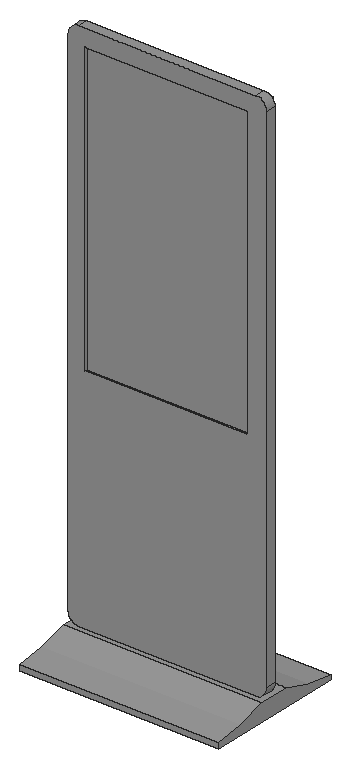
Revit family "Electronics_Visual-TVs_ViewSonic_ViewSonicR-EP4320-5540-5540T-Display", category Electrical Equipment, Revit 2017
Family settings
  Panel Configuration = Two Columns, Circuits Across
  Round Connector Dimension = Use Diameter
  Part Type = Panelboard
  OmniClass Number = 23.85.10.14.24.17
  OmniClass Title = Plasma Video Monitors
  Work Plane-Based = No
  Always vertical = Yes
  Cut with Voids When Loaded = No
  Shared = No
  Room Calculation Point = No
Parameters (values of type "EP 4320")
  Viewing Angles = "H = 178, V = 178 typ."
  Viewable Area (In.) = "43\""
  URL = "https://www.viewsonic.com"
  Type/Tech = ""
  Surface Treatment = ""
  Panel Size = "43\""
  Light Source = "DLED"
  Panel Surface = "7H/ 5mm Tempered glass"
  Screen Material = Screen - ePoster - ViewSonic - EP4320
  Response Time = "14 ms(typ.)"
  Product data url = "https://www.bimobject.com/viewsonic/product/viewsonic_ep4320"
  Product Guid = "a74ecbe5-cbc1-4ce5-a2fe-00795f225e41"
  EP5540T = no
  EP4320 = yes
  EP5540 = no
  Display Size = "43\""
  Orientation = "Portrait"
  Resolution = "1920 x 1080; 16:9"
  Model = "viewsonic_ep4320"
  Manufacturer = "ViewSonic"
  Keynote = "11130"
  Edition number = 1
  Display Area = "43\""
  Description = "The ViewSonic® EP4320-2 is a 43” all-in-one free-standing digital ePoster kiosk with a sleek, slim design. Great for grabbing attention in busy, high-traffic areas, the EP4320-2 comes with a scratch-proof tempered glass faceplate for added durability. Featuring Full HD 1080p resolution, 178°/178° wide-angle viewing, 450-nit brightness, 1,200:1 contrast ratio, and dual 10W stereo speakers, the EP4320-2 delivers customized multimedia messaging with vivid clarity. Photo and video files can be played back using the embedded Quad-core media player and 16GB of flash storage, or add your own media player using the convenient media player cradle inside the lockable security door."
  Covering Color = Metal - ViewSonic - Black
  Cover Material = Plastic - Screen - ViewSonic
  Contrast Ratio = "1200:1"
  Colors = "16.7M colors"
  Brightness = "450 cd/m2"
  Backlight Life = "50,000 hrs"
  Backlight = "WLED"
  Assembly Code = "D5030500"
  Aspect Ratio = "9:16"
Types (4, lengths in mm): name | Viewable Area (In.) | Type/Tech | Surface Treatment | Panel Size | Screen Material | Response Time | Product data url | Product Guid | EP5540T | EP4320 | EP5540 | Display Size | Resolution | Model | Display Area | Description | Colors | Brightness | Backlight Life
  (no name) | "43\"" | "" | "" | "43\"" | Screen - ePoster - ViewSonic - EP4320 | "14 ms(typ.)" | "https://www.bimobject.com/viewsonic/product/viewsonic_ep4320" | "a74ecbe5-cbc1-4ce5-a2fe-00795f225e41" | no | yes | no | "43\"" | "1920 x 1080; 16:9" | "viewsonic_ep4320" | "43\"" | "The ViewSonic® EP4320-2 is a 43” all-in-one free-standing digital ePoster kiosk with a sleek, slim design. Great for grabbing attention in busy, high-traffic areas, the EP4320-2 comes with a scratch-proof tempered glass faceplate for added durability. Featuring Full HD 1080p resolution, 178°/178° wide-angle viewing, 450-nit brightness, 1,200:1 contrast ratio, and dual 10W stereo speakers, the EP4320-2 delivers customized multimedia messaging with vivid clarity. Photo and video files can be played back using the embedded Quad-core media player and 16GB of flash storage, or add your own media player using the convenient media player cradle inside the lockable security door." | "16.7M colors" | "450 cd/m2" | "50,000 hrs"
  EP 4320 | "43\"" | "" | "" | "43\"" | Screen - ePoster - ViewSonic - EP4320 | "14 ms(typ.)" | "https://www.bimobject.com/viewsonic/product/viewsonic_ep4320" | "a74ecbe5-cbc1-4ce5-a2fe-00795f225e41" | no | yes | no | "43\"" | "1920 x 1080; 16:9" | "viewsonic_ep4320" | "43\"" | "The ViewSonic® EP4320-2 is a 43” all-in-one free-standing digital ePoster kiosk with a sleek, slim design. Great for grabbing attention in busy, high-traffic areas, the EP4320-2 comes with a scratch-proof tempered glass faceplate for added durability. Featuring Full HD 1080p resolution, 178°/178° wide-angle viewing, 450-nit brightness, 1,200:1 contrast ratio, and dual 10W stereo speakers, the EP4320-2 delivers customized multimedia messaging with vivid clarity. Photo and video files can be played back using the embedded Quad-core media player and 16GB of flash storage, or add your own media player using the convenient media player cradle inside the lockable security door." | "16.7M colors" | "450 cd/m2" | "50,000 hrs"
  EP 5540 | "55\"" | "TFT LCD (IPS type,DLED Backlight)" | "Anti-glare" | "55\"" | Screen - ePoster - ViewSonic - EP5540 | "9 ms (typ. G to G)" | "https://www.bimobject.com/viewsonic/product/viewsonic_ep5540" | "bfec654d-3b3d-45cd-b846-fefad81aa47d" | no | no | yes | "55\"" | "3840 x 2160; 16:9" | "viewsonic_ep5540" | "1209.6 (H) * 680.4 (V)" | "The ViewSonic® EP5540 is a 55” 4K Ultra HD all-in-one free-standing digital ePoster kiosk with a sleek, slim design. Great for grabbing attention in busy, high-traffic areas, the EP5540 comes with a scratch-proof tempered glass faceplate for added durability. Featuring an IPS-type panel, 4K Ultra HD resolution, 178°/178° wide-angle viewing, 400-nit brightness, 1,200:1 contrast ratio, and dual 10W stereo speakers, the EP5540 delivers customized multimedia messaging with vivid clarity. Photo and video files can be played back using the embedded Quad-core media player and 16GB of internal memory, or add your own media player using the convenient media player cradle inside the lockable security door." | "1.07B" | "350 cd/m2" | "30,000 Hours Typ."
  EP 5540T | "55\"" | "TFT LCD (IPS type,DLED Backlight)" | "Anti-glare" | "55\"" | Screen - ePoster - ViewSonic - EP5540T | "9 ms (typ. G to G)" | "https://www.bimobject.com/viewsonic/product/viewsonic_ep5540t" | "701c7aba-dd95-4915-a085-317012c6b0e2" | yes | no | no | "55\"" | "3840 x 2160; 16:9" | "viewsonic_ep5540t" | "1209.6 (H) * 680.4 (V)" | "The ViewSonic® EP5540T is a 10-point interactive, 55” 4K Ultra HD all-in-one free-standing digital ePoster kiosk with a sleek, slim design. Great for grabbing attention in busy, high-traffic areas, the EP5540T comes with a scratch-proof tempered glass faceplate for added durability. Featuring an IPS-type panel, 4K Ultra HD resolution, 178°/178° wide-angle viewing, 400-nit brightness, 1,200:1 contrast ratio, and dual 10W stereo speakers, the EP5540T delivers customized multimedia messaging with vivid clarity. Photo and video files can be played back using the embedded Quad-core media player and 16GB of internal memory, or add your own media player using the convenient media player cradle inside the lockable security door." | "1.07B" | "350 cd/m2" | "30,000 Hours Typ."
Reference planes
  plane 1: y = 0
  plane 2: z = 0
  plane 3 "Center (Left/Right)": x = 0
  plane 4 "Center (Front/Back)": y = 256.796
Forms (mm)
  Extrusion 1, solid, material "Screen - ePoster - ViewSonic - EP4320" <- "Screen Material", visible <- "EP4320", detail levels medium+fine
    sketch origin (1089.364, 0, 0.198) x (1, 0, 0) y (0, 0, 1)
      loop
        line (-1357.867, 1745.702) -> (-1357.867, 802.702) -> (-827.867, 802.702) -> (-827.867, 1745.702) -> (-1357.867, 1745.702)
    from -9 to -12
  Extrusion 2, solid, material "Plastic - Screen - ViewSonic" <- "Cover Material", visible <- "EP4320", detail levels medium+fine
    sketch origin (-30.977, 0, 0) x (1, 0, 0) y (0, 0, 1)
      loop
        line (-237.526, 1745.9) -> (-237.526, 802.9) -> (292.474, 802.9) -> (292.474, 1745.9) -> (-237.526, 1745.9)
      loop
        arc (-291.523, 90) -> (-281.271, 65.251) -> (-256.523, 55) r 35
        line (-256.523, 55) -> (318.477, 55)
        arc (318.477, 55) -> (343.226, 65.251) -> (353.477, 90) r 35
        line (353.477, 90) -> (353.477, 1765)
        arc (353.477, 1765) -> (343.226, 1789.749) -> (318.477, 1800) r 35
        line (318.477, 1800) -> (-256.523, 1800)
        arc (-256.523, 1800) -> (-281.271, 1789.749) -> (-291.523, 1765) r 35
        line (-291.523, 1765) -> (-291.523, 90)
    from 0 to -31.95
  Extrusion 3, solid, material "Plastic - Screen - ViewSonic" <- "Cover Material", visible <- "EP4320", detail levels fine
    sketch origin (0, 0, 0) x (0, 1, 0) y (0, 0, 1)
      loop
        line (81.784, 55) -> (-19.262, 55)
        arc (-19.262, 55) -> (-105.141, 27.896) -> (-194.274, 15.038) r 555
        line (-194.274, 15.038) -> (-194.274, 0) -> (256.796, 0) -> (256.796, 15.038)
        arc (256.796, 15.038) -> (167.663, 27.896) -> (81.784, 55) r 555
    from -322.5 to 322.5
  Extrusion 4, solid, material "Plastic - Screen - ViewSonic" <- "Cover Material", visible <- "EP4320", detail levels medium+fine
    sketch origin (0, 0, 0) x (1, 0, 0) y (0, 1, 0)
      loop
        line (-300.846, 52.406) -> (-300.846, 31.95) -> (300.846, 31.95) -> (300.846, 52.406) -> (276.895, 68.299) -> (-276.895, 68.299) -> (-300.846, 52.406)
    from 55 to 1778.147
  Extrusion 5, void
    sketch origin (0, 0, 0) x (0, 1, 0) y (0, 0, 1)
      loop
        line (52.406, 1777.664) -> (68.299, 1753.712) -> (68.299, 1782.664) -> (52.406, 1782.664) -> (52.406, 1777.664)
    from -300.846 to 300.846
  Extrusion 6, solid, material "Plastic - Screen - ViewSonic" <- "Cover Material", visible <- "EP4320", detail levels medium
    sketch origin (0, 0, 0) x (0, 1, 0) y (0, 0, 1)
      loop
        line (256.796, 0) -> (256.796, 55) -> (-194.274, 55) -> (-194.274, 0) -> (256.796, 0)
    from -322.5 to 322.5
  Extrusion 7, solid, material "Plastic - Screen - ViewSonic" <- "Cover Material", visible <- "EP4320", detail levels coarse
    sketch origin (0, 180, 0) x (0, 1, 0) y (0, 0, 1)
      loop
        line (76.796, 0) -> (76.796, 1800) -> (-374.274, 1800) -> (-374.274, 0) -> (76.796, 0)
    from -322.5 to 322.5
  Extrusion 8, solid, not visible
    sketch origin (0, 0, 0) x (1, 0, 0) y (0, 0, 1)
      loop
        circle (-210.869, 190.984) r 10
    from -71 to -68.299
  Extrusion 9, solid, not visible
    sketch origin (50, 0, 0) x (1, 0, 0) y (0, 0, 1)
      loop
        circle (-210.869, 190.984) r 10
    from -71 to -68.299
Cuts and joins
  Extrusion 5 cuts Extrusion 4
Lines and regions (mm)
  Masking region 1, visible <- "EP4320"
    outline origin (0, 0, 0) x (1, 0, 0) y (0, 1, 0)
      loop
        line (-322.5, 256.796) -> (-322.5, -194.274) -> (322.5, -194.274) -> (322.5, 256.796) -> (-322.5, 256.796)
  symbolic lines, visible <- "EP4320", detail levels medium+fine
    curve 1: line (-322.5, 31.95, 0) -> (322.5, 31.95, 0)
    curve 2: line (-322.5, 0, 0) -> (322.5, 0, 0)
    curve 3: line (-300.846, 31.95, 0) -> (-300.846, 52.406, 0)
    curve 4: line (-300.846, 52.406, 0) -> (300.846, 52.406, 0)
    curve 5: line (300.846, 52.406, 0) -> (300.846, 31.95, 0)
    curve 6: line (-300.846, 52.406, 0) -> (-276.895, 68.299, 0)
    curve 7: line (-276.895, 68.299, 0) -> (276.895, 68.299, 0)
    curve 8: line (276.895, 68.299, 0) -> (300.846, 52.406, 0)
Dimensions and locks
  aligned and locked: level to plane 2
Nested families
  nested 1: "Electronics_Visual-TVs_ViewSonic_ViewSonicR-EP5540-4K-Ultra-HD-Display" at (0, 0, 0), visible <- "EP5540", type "EP 5540"
  nested 2: "Electronics_Visual-TVs_ViewSonic_ViewSonicR-EP5540T-4K-Ultra-HD-Display-ePoster" at (0, 0, 0), visible <- "EP5540T", type "EP5540T"
Connectors
  electrical at (-210.869, 71, 190.984)
    settings: on Extrusion 8, index 1, voltage 240 V, apparent load 0 VA, apparent load phase1 0 VA, apparent load phase2 0 VA, apparent load phase3 0 VA, power factor 1, load classification "Other", number of poles 1, system type 30, power factor state 1, is connector primary yes, connector utility no, sub classification motor no, connector description "EP4320-Electrical Connector"
  electrical at (-160.869, 71, 190.984)
    settings: on Extrusion 9, index 2, voltage 0 V, apparent load 0 VA, apparent load phase1 0 VA, apparent load phase2 0 VA, apparent load phase3 0 VA, power factor 1, load classification "Other", number of poles 1, system type 5, power factor state 1, is connector primary no, connector utility no, sub classification motor no, connector description "EP4320-Data Connector"
Definition of nested family "Electronics_Visual-TVs_ViewSonic_ViewSonicR-EP5540-4K-Ultra-HD-Display"
  Parameters (values of type "EP 5540")
    Viewing Angles = "H = 178, V = 178 typ."
    URL = "https://www.viewsonic.com"
    Type/Tech = "TFT LCD (IPS type,DLED Backlight)"
    Surface Treatment = "Anti-glare"
    Screen Material = none
    Response Time = "9 ms (typ. G to G)"
    Product data url = "https://www.bimobject.com/viewsonic/product/viewsonic_ep5540"
    Product Guid = "bfec654d-3b3d-45cd-b846-fefad81aa47d"
    Display Size = "55\""
    Orientation = "Portrait"
    Native Resolution = "3840 x 2160"
    Model = "viewsonic_ep5540"
    Manufacturer = "ViewSonic"
    Keynote = "11130"
    Edition number = 1
    Display Area (mm) = "1209.6 (H) * 680.4 (V)"
    Description = "The ViewSonic® EP5540 is a 55” 4K Ultra HD all-in-one free-standing digital ePoster kiosk with a sleek, slim design. Great for grabbing attention in busy, high-traffic areas, the EP5540 comes with a scratch-proof tempered glass faceplate for added durability. Featuring an IPS-type panel, 4K Ultra HD resolution, 178°/178° wide-angle viewing, 400-nit brightness, 1,200:1 contrast ratio, and dual 10W stereo speakers, the EP5540 delivers customized multimedia messaging with vivid clarity. Photo and video files can be played back using the embedded Quad-core media player and 16GB of internal memory, or add your own media player using the convenient media player cradle inside the lockable security door."
    Cover Material = none
    Contrast Ratio = "1200:1 (typ.)"
    Colors = "1.07B"
    Brightness = "350 cd/m2"
    Backlight Life = "30,000 Hours Typ."
    Assembly Code = "D5030500"
    Aspect Ratio = "9:16"
  Reference planes
    plane 1: y = 0
    plane 2: z = 0
    plane 3 "Center (Left/Right)": x = 0
    plane 4 "Center (Front/Back)": y = 262.416
  Forms (mm)
    Extrusion 1, solid, material <- "Screen Material", detail levels medium+fine
      sketch origin (1089.364, 0, 0.198) x (1, 0, 0) y (0, 0, 1)
        loop
          line (-1429.364, 1830.802) -> (-1429.364, 620.802) -> (-749.364, 620.802) -> (-749.364, 1830.802) -> (-1429.364, 1830.802)
      from -9 to -12
    Extrusion 2, solid, material <- "Cover Material", detail levels medium+fine
      sketch origin (-30.977, 0, 0) x (1, 0, 0) y (0, 0, 1)
        loop
          line (-309.023, 1831) -> (-309.023, 621) -> (370.977, 621) -> (370.977, 1831) -> (-309.023, 1831)
        loop
          line (-321.022, 50) -> (382.976, 50)
          arc (382.976, 50) -> (418.332, 64.645) -> (432.976, 100) r 50
          line (432.976, 100) -> (432.978, 1850.017)
          arc (432.978, 1850.017) -> (418.332, 1885.372) -> (382.976, 1900.017) r 50
          line (382.976, 1900.017) -> (-321.022, 1900.017)
          arc (-321.022, 1900.017) -> (-356.377, 1885.372) -> (-371.022, 1850.017) r 50
          line (-371.022, 1850.017) -> (-371.023, 100)
          arc (-371.023, 100) -> (-356.377, 64.645) -> (-321.022, 50) r 50
      from 0 to -75.107
    Extrusion 3, solid, material <- "Cover Material", detail levels fine
      sketch origin (0, 0, 0) x (0, 1, 0) y (0, 0, 1)
        loop
          line (87.938, 50) -> (37.514, 50) -> (-12.91, 50)
          arc (-12.91, 50) -> (-98.712, 25.165) -> (-187.388, 14.416) r 555
          line (-187.388, 14.416) -> (-187.388, 0) -> (262.416, 0) -> (262.416, 14.416)
          arc (262.416, 14.416) -> (173.74, 25.165) -> (87.938, 50) r 555
      from -406.05 to 406.05
    Extrusion 4, solid, material <- "Cover Material", detail levels medium+fine
      sketch origin (0, 0, 0) x (1, 0, 0) y (0, 1, 0)
        loop
          line (-364.09, 88.603) -> (-377.585, 75.107) -> (377.634, 75.107) -> (364.138, 88.603) -> (-364.09, 88.603)
      from 70.012 to 1880.023
    Extrusion 5, void
      sketch origin (0, 25.303, 109.55) x (0, 1, 0) y (0, 0, 1)
        loop
          line (49.804, 1768.39) -> (68.299, 1749.895) -> (68.299, 1775.473) -> (49.804, 1775.473) -> (49.804, 1768.39)
      from -381.985 to 382.015
    Extrusion 6, solid, material <- "Cover Material", detail levels coarse
      sketch origin (0, 0, 0) x (0, 1, 0) y (0, 0, 1)
        loop
          line (262.416, 0) -> (262.416, 1900.017) -> (-187.388, 1900.017) -> (-187.388, 0) -> (262.416, 0)
      from -406.05 to 406.05
    Extrusion 7, void
      sketch origin (0, 25.303, 1840.477) x (0, 1, 0) y (0, 0, 1)
        loop
          line (49.804, -1768.39) -> (49.804, -1775.473) -> (68.299, -1775.473) -> (68.299, -1749.895) -> (49.804, -1768.39)
      from -381.985 to 382.015
    Extrusion 8, solid, material <- "Cover Material", detail levels medium
      sketch origin (0, 280, 0) x (0, 1, 0) y (0, 0, 1)
        loop
          line (-17.584, 0) -> (-17.584, 50) -> (-467.388, 50) -> (-467.388, 0) -> (-17.584, 0)
      from -406.05 to 406.05
    Extrusion 9, solid, not visible
      sketch origin (0, 0, 0) x (1, 0, 0) y (0, 0, 1)
        loop
          circle (-268.288, 114.343) r 10
      from -91 to -88.603
    Extrusion 10, solid, not visible
      sketch origin (40, 0, 0) x (1, 0, 0) y (0, 0, 1)
        loop
          circle (-268.288, 114.343) r 10
      from -91 to -88.603
  Cuts and joins
    Extrusion 7 cuts Extrusion 2
    Extrusion 5, Extrusion 7 cuts Extrusion 4
  Lines and regions (mm)
    Masking region 1
      outline origin (0, 0, 0) x (1, 0, 0) y (0, 1, 0)
        loop
          line (-406.05, 262.416) -> (-406.05, -187.388) -> (406.05, -187.388) -> (406.05, 262.416) -> (-406.05, 262.416)
    symbolic lines, detail levels medium+fine
      curve 1: line (-406.05, 0, 0) -> (406.05, 0, 0)
      curve 2: line (-406.05, 75.107, 0) -> (406.05, 75.107, 0)
      curve 3: line (-377.585, 75.107, 0) -> (-364.09, 88.603, 0)
      curve 4: line (-364.09, 88.603, 0) -> (364.138, 88.603, 0)
      curve 5: line (364.138, 88.603, 0) -> (377.634, 75.107, 0)
  Dimensions and locks
    aligned and locked: level to plane 2
Definition of nested family "Electronics_Visual-TVs_ViewSonic_ViewSonicR-EP5540T-4K-Ultra-HD-Display-ePoster"
  Parameters (values of type "EP 5540 T")
    Viewing Angles = "H = 178, V = 178 typ."
    URL = "https://www.viewsonic.com"
    Type/Tech = "TFT LCD (IPS type,DLED Backlight)"
    Surface Treatment = "Anti-glare"
    Screen Material = none
    Response Time = "9 ms (typ. G to G)"
    Product data url = "https://www.bimobject.com/viewsonic/product/viewsonic_ep5540t"
    Product Guid = "701c7aba-dd95-4915-a085-317012c6b0e2"
    Display Size = "55\""
    Orientation = "Portrait"
    Native Resolution = "3840 x 2160"
    Model = "viewsonic_ep5540t"
    Manufacturer = "ViewSonic"
    Keynote = "11130"
    Edition number = 1
    Display Area (mm) = "1209.6 (H) * 680.4 (V)"
    Description = "The ViewSonic® EP5540T is a 10-point interactive, 55” 4K Ultra HD all-in-one free-standing digital ePoster kiosk with a sleek, slim design. Great for grabbing attention in busy, high-traffic areas, the EP5540T comes with a scratch-proof tempered glass faceplate for added durability. Featuring an IPS-type panel, 4K Ultra HD resolution, 178°/178° wide-angle viewing, 400-nit brightness, 1,200:1 contrast ratio, and dual 10W stereo speakers, the EP5540T delivers customized multimedia messaging with vivid clarity. Photo and video files can be played back using the embedded Quad-core media player and 16GB of internal memory, or add your own media player using the convenient media player cradle inside the lockable security door."
    Cover Material = none
    Contrast Ratio = "1200:1 (typ.)"
    Colors = "1.07B"
    Brightness = "350 nits (typ.)"
    Backlight Life = "30,000 Hours Typ."
    Assembly Code = "D5030500"
    Aspect Ratio = "9:16"
  Reference planes
    plane 1: y = 0
    plane 2: z = 0
    plane 3 "Center (Left/Right)": x = 0
    plane 4: y = 37.514
    plane 5 "Center (Front/Back)": y = 262.514
  Forms (mm)
    Extrusion 1, solid, material <- "Screen Material", detail levels medium+fine
      sketch origin (1089.364, 0, 0.198) x (1, 0, 0) y (0, 0, 1)
        loop
          line (-1433.353, 1830.942) -> (-1433.353, 613.893) -> (-745.346, 613.893) -> (-745.346, 1830.942) -> (-1433.353, 1830.942)
      from -9 to -12
    Extrusion 2, solid, material <- "Cover Material", detail levels medium+fine
      sketch origin (-30.977, 0, 0) x (1, 0, 0) y (0, 0, 1)
        loop
          line (-313.012, 1831.14) -> (-313.005, 614.09) -> (374.995, 614.094) -> (374.988, 1831.14) -> (-313.012, 1831.14)
        loop
          line (-332.178, 50.099) -> (394.065, 50.095)
          arc (394.065, 50.095) -> (427.414, 65.75) -> (440.987, 100) r 50
          line (440.987, 100) -> (440.988, 1850.091)
          arc (440.988, 1850.091) -> (426.343, 1885.446) -> (390.987, 1900.091) r 50
          line (390.987, 1900.091) -> (-329.033, 1900.091)
          arc (-329.033, 1900.091) -> (-364.388, 1885.446) -> (-379.032, 1850.09) r 50
          line (-379.032, 1850.09) -> (-379.012, 98.564)
          arc (-379.012, 98.564) -> (-364.988, 65.255) -> (-332.178, 50.099) r 50
      from 0 to -75.107
    Extrusion 3, solid, material <- "Cover Material", detail levels fine
      sketch origin (0, 0, 0) x (0, 1, 0) y (0, 0, 1)
        loop
          line (87.676, 50.099) -> (37.514, 50.099) -> (-12.648, 50.099)
          arc (-12.648, 50.099) -> (-98.623, 25.183) -> (-187.486, 14.412) r 555
          line (-187.486, 14.412) -> (-187.486, 0) -> (262.514, 0) -> (262.514, 14.412)
          arc (262.514, 14.412) -> (173.651, 25.183) -> (87.676, 50.099) r 555
      from -409.988 to 410.01
    Extrusion 4, solid, material <- "Cover Material", detail levels medium+fine
      sketch origin (0, 0, 0) x (1, 0, 0) y (0, 1, 0)
        loop
          line (-372.433, 88.603) -> (-385.928, 75.107) -> (385.89, 75.107) -> (372.394, 88.603) -> (-372.433, 88.603)
      from 70.012 to 1880.023
    Extrusion 5, void
      sketch origin (0, 25.303, 109.55) x (0, 1, 0) y (0, 0, 1)
        loop
          line (49.804, 1768.459) -> (68.299, 1749.964) -> (68.299, 1775.473) -> (49.804, 1775.473) -> (49.804, 1768.459)
      from -390.008 to 400.561
    Extrusion 6, solid, material <- "Cover Material", detail levels coarse
      sketch origin (0, 0, 0) x (0, 1, 0) y (0, 0, 1)
        loop
          line (262.416, 0) -> (262.416, 1900.091) -> (-187.388, 1900.091) -> (-187.388, 0) -> (262.416, 0)
      from -409.988 to 410.01
    Extrusion 7, void
      sketch origin (0, 25.303, 1840.477) x (0, 1, 0) y (0, 0, 1)
        loop
          line (49.804, -1768.39) -> (49.804, -1775.473) -> (68.299, -1775.473) -> (68.299, -1749.895) -> (49.804, -1768.39)
      from -391.59 to 387.501
    Extrusion 8, solid, material <- "Cover Material", detail levels medium
      sketch origin (0, 280, 0) x (0, 1, 0) y (0, 0, 1)
        loop
          line (-17.486, 0) -> (-17.486, 50.099) -> (-467.486, 50.099) -> (-467.486, 0) -> (-17.486, 0)
      from -409.988 to 410.01
    Extrusion 9, solid, not visible
      sketch origin (0, 0, 0) x (1, 0, 0) y (0, 0, 1)
        loop
          circle (-252.61, 114.276) r 10
      from -91 to -88.603
    Extrusion 10, solid, not visible
      sketch origin (40, 0, 0) x (1, 0, 0) y (0, 0, 1)
        loop
          circle (-252.61, 114.276) r 10
      from -91 to -88.603
  Cuts and joins
    Extrusion 7 cuts Extrusion 2
    Extrusion 5, Extrusion 7 cuts Extrusion 4
  Lines and regions (mm)
    Masking region 1
      outline origin (0, 0, 0) x (1, 0, 0) y (0, 1, 0)
        loop
          line (410.01, 262.514) -> (-409.988, 262.514) -> (-409.988, -187.486) -> (410.01, -187.486) -> (410.01, 262.514)
    symbolic lines, detail levels medium+fine
      curve 1: line (410.01, 0, 0) -> (-409.989, 0, 0)
      curve 2: line (-409.989, 75.107, 0) -> (410.01, 75.107, 0)
      curve 3: line (-372.433, 88.603, 0) -> (372.394, 88.603, 0)
      curve 4: line (372.394, 88.603, 0) -> (385.89, 75.107, 0)
      curve 5: line (-372.433, 88.603, 0) -> (-385.929, 75.107, 0)
  Dimensions and locks
    aligned and locked: level to plane 2
